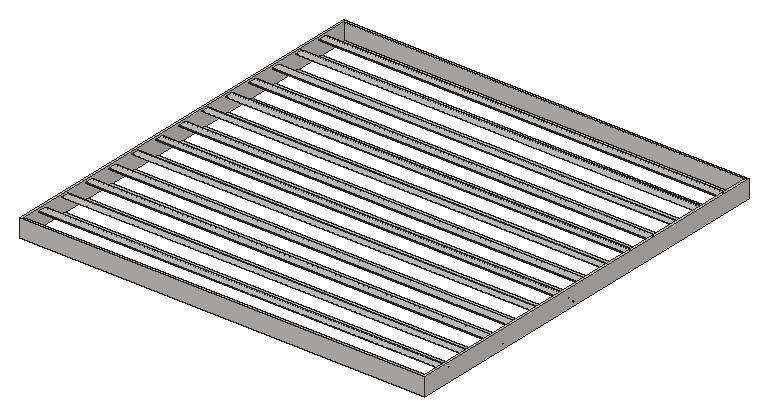
Revit family "Louver-Channel_Frame-Carnes-Rectangular-Flat_Blade_FFWC", category Air Terminals, host Face, Revit 2012
Parameters (values of type "(See Type Catalog)")
  ecoScorecard_data = ""
  ecoScorecard Product Page = "http://ecoscorecard.com/"
  URL = "http://www.carnes.com/index.html"
  Subcategory = "Louvers and Dampers"
  Specifications  URL = "http://www.carnes.com/Louvers/pdf/17132.pdf"
  Product Page URL = "http://www.carnes.com/Louvers/FFWC-FJWC.htm"
  Product Line = "Flat (\"I\") Blade Louvers"
  Pressure Drop = 0.00 Pa
  Outside Width = Louver Width Control + 1/4" * 2  # 48 1/2"
  Outside Height = Louver Height Control + 1/4" * 2  # 48 1/2"
  Model = "FFWC"
  Minimum Size = "8\"W x 10\"H"
  Maximum Vertical Size = "96\"W x 72\"H"
  Maximum Size Note = "Larger Sizes made in multiple sections"
  Maximum Horinzontal Size = "96\"W x 72\"H"
  Manufacturer = "Carnes Company"
  Louver Width Control = if(Louver Width < 8", 8", if(Louver Width > 96", 96", Louver Width))  # 48"
  Louver Height Control = if(Louver Height < 10", 10", if(Louver Height > 72", 72", Louver Height))  # 48"
  Free Area Note = "See Spec Sheet URL"
  Free Area = 0.00 SF
  Description = "Flat (\"I\") Blade Louvers"
  Connector Description 1 = "Duct Connetor"
  Blades Quantity [instance] = (Louver Height Control - (Blade Offset from Frame - 3/4")) / 3 1/2"  # 13
  Manufacturer Phone = "608-845-6411"
  Manufacturer Fax = "608-845-6470"
  Manufacturer Email = "mailto:carnes@carnes.com"
  Manufacturer Address = "448 S. Main St., P. O. Box 930040, Verona, WI 53593-0040"
  Louver Width = 48"
  Louver Length = 2 1/8"
  Louver Height = 48"
  Blades Length [instance] = Louver Length - 1/4"  # 1 7/8"
  Frame Material = Steel - Carnes - Galvanized
  Default Elevation = 48"
  Cost Info = "mailto:carnes@carnes.com"
  Catalog URL = "http://www.carnes.com/Louvers/pdf/f8.pdf"
  Symbol Blades Quantity = Louver Width / 3 1/2"  # 14
  Blade Offset from Frame [instance] = 2 1/4"
  Blade Material = Steel - Carnes - Galvanized
  Assembly Code = "D3090700"
  Airflow = 0 CFM
  95 CSI = "10200"
  04 CSI = "08 91 00"
Reference planes (in)
  plane 1 "Center (Elevation)": y = 0
  plane 2: z = 0
  plane 3 "Center (Left/Right)": x = 0
  plane 4 "Rear": z = -2.125
  plane 5: z = -0.125
  plane 6: z = -2
  plane 7: z = -1.0625
  plane 8: x = -24
  plane 9: x = 24
  plane 10: x = -24.25
  plane 11: x = 24.25
  plane 12: y = 24
  plane 13: y = -24
  plane 14: y = 24.25
  plane 15: y = -24.25
  plane 16 "Blade CL": y = 22
Forms (in)
  Extrusion 1, solid, material "Steel - Carnes - Galvanized" <- "Frame Material"
    sketch origin (0, 0, 0) x (1, 0, 0) y (0, 1, 0)
      loop
        line (-24, 24) -> (-24, -24) -> (24, -24) -> (24, 24) -> (-24, 24)
      loop
        line (-24.25, 24.25) -> (-24.25, -24.25) -> (24.25, -24.25) -> (24.25, 24.25) -> (-24.25, 24.25)
    from -2.125 to 0
Lines and regions (in)
  Masking region 1, detail levels coarse
    outline origin (0, 0, 0) x (1, 0, 0) y (0, 0, 1)
      loop
        line (24.25, 0) -> (-24.25, 0) -> (-24.25, -2.125) -> (24.25, -2.125) -> (24.25, 0)
  Masking region 2, detail levels medium+fine
    outline origin (0, 0, 0) x (1, 0, 0) y (0, 0, 1)
      loop
        line (24.25, 0) -> (-24.25, 0) -> (-24.25, -0.125) -> (-24.25, -2) -> (-24.25, -2.125) -> (24.25, -2.125) -> (24.25, -2) -> (24.25, -0.125) -> (24.25, 0)
  symbolic lines, detail levels fine
    curve 1: line (24.25, 0, -0.125) -> (-24.25, 0, -0.125)
    curve 2: line (24.25, 0, -2) -> (-24.25, 0, -2)
  symbolic lines
    curve 3: line (24, 0, -0.1875) -> (23.52861, 0, -0.1875)
    curve 4: line (22.57979, 0, -1.9375) -> (23.0542, 0, -1.0625)
    curve 5: line (22.57979, 0, -1.9375) -> (22.14855, 0, -1.9375)
    curve 6: line (23.0542, 0, -1.0625) -> (23.52861, 0, -0.1875)
    curve 7: line (20.5, 0, -0.1875) -> (20.02861, 0, -0.1875)
    curve 8: line (19.07979, 0, -1.9375) -> (19.5542, 0, -1.0625)
    curve 9: line (19.07979, 0, -1.9375) -> (18.64855, 0, -1.9375)
    curve 10: line (19.5542, 0, -1.0625) -> (20.02861, 0, -0.1875)
    curve 11: line (17, 0, -0.1875) -> (16.52861, 0, -0.1875)
    curve 12: line (15.57979, 0, -1.9375) -> (16.0542, 0, -1.0625)
    curve 13: line (15.57979, 0, -1.9375) -> (15.14855, 0, -1.9375)
    curve 14: line (16.0542, 0, -1.0625) -> (16.52861, 0, -0.1875)
    curve 15: line (13.5, 0, -0.1875) -> (13.02861, 0, -0.1875)
    curve 16: line (12.07979, 0, -1.9375) -> (12.5542, 0, -1.0625)
    curve 17: line (12.07979, 0, -1.9375) -> (11.64855, 0, -1.9375)
    curve 18: line (12.5542, 0, -1.0625) -> (13.02861, 0, -0.1875)
    curve 19: line (10, 0, -0.1875) -> (9.52861, 0, -0.1875)
    curve 20: line (8.57979, 0, -1.9375) -> (9.0542, 0, -1.0625)
    curve 21: line (8.57979, 0, -1.9375) -> (8.14855, 0, -1.9375)
    curve 22: line (9.0542, 0, -1.0625) -> (9.52861, 0, -0.1875)
    curve 23: line (6.5, 0, -0.1875) -> (6.02861, 0, -0.1875)
    curve 24: line (5.07979, 0, -1.9375) -> (5.5542, 0, -1.0625)
    curve 25: line (5.07979, 0, -1.9375) -> (4.64855, 0, -1.9375)
    curve 26: line (5.5542, 0, -1.0625) -> (6.02861, 0, -0.1875)
    curve 27: line (3, 0, -0.1875) -> (2.52861, 0, -0.1875)
    curve 28: line (1.57979, 0, -1.9375) -> (2.0542, 0, -1.0625)
    curve 29: line (1.57979, 0, -1.9375) -> (1.14855, 0, -1.9375)
    curve 30: line (2.0542, 0, -1.0625) -> (2.52861, 0, -0.1875)
    curve 31: line (-0.5, 0, -0.1875) -> (-0.97139, 0, -0.1875)
    curve 32: line (-1.92021, 0, -1.9375) -> (-1.4458, 0, -1.0625)
    curve 33: line (-1.92021, 0, -1.9375) -> (-2.35145, 0, -1.9375)
    curve 34: line (-1.4458, 0, -1.0625) -> (-0.97139, 0, -0.1875)
    curve 35: line (-4, 0, -0.1875) -> (-4.47139, 0, -0.1875)
    curve 36: line (-5.42021, 0, -1.9375) -> (-4.9458, 0, -1.0625)
    curve 37: line (-5.42021, 0, -1.9375) -> (-5.85145, 0, -1.9375)
    curve 38: line (-4.9458, 0, -1.0625) -> (-4.47139, 0, -0.1875)
    curve 39: line (-7.5, 0, -0.1875) -> (-7.97139, 0, -0.1875)
    curve 40: line (-8.92021, 0, -1.9375) -> (-8.4458, 0, -1.0625)
    curve 41: line (-8.92021, 0, -1.9375) -> (-9.35145, 0, -1.9375)
    curve 42: line (-8.4458, 0, -1.0625) -> (-7.97139, 0, -0.1875)
    curve 43: line (-11, 0, -0.1875) -> (-11.47139, 0, -0.1875)
    curve 44: line (-12.42021, 0, -1.9375) -> (-11.9458, 0, -1.0625)
    curve 45: line (-12.42021, 0, -1.9375) -> (-12.85145, 0, -1.9375)
    curve 46: line (-11.9458, 0, -1.0625) -> (-11.47139, 0, -0.1875)
    curve 47: line (-14.5, 0, -0.1875) -> (-14.97139, 0, -0.1875)
    curve 48: line (-15.92021, 0, -1.9375) -> (-15.4458, 0, -1.0625)
    curve 49: line (-15.92021, 0, -1.9375) -> (-16.35145, 0, -1.9375)
    curve 50: line (-15.4458, 0, -1.0625) -> (-14.97139, 0, -0.1875)
    curve 51: line (-18, 0, -0.1875) -> (-18.47139, 0, -0.1875)
    curve 52: line (-19.42021, 0, -1.9375) -> (-18.9458, 0, -1.0625)
    curve 53: line (-19.42021, 0, -1.9375) -> (-19.85145, 0, -1.9375)
    curve 54: line (-18.9458, 0, -1.0625) -> (-18.47139, 0, -0.1875)
    curve 55: line (-21.5, 0, -0.1875) -> (-21.97139, 0, -0.1875)
    curve 56: line (-22.92021, 0, -1.9375) -> (-22.4458, 0, -1.0625)
    curve 57: line (-22.92021, 0, -1.9375) -> (-23.35145, 0, -1.9375)
    curve 58: line (-22.4458, 0, -1.0625) -> (-21.97139, 0, -0.1875)
Dimensions and locks (in)
  equal spacing: plane 15, plane 1 "Center (Elevation)", plane 14
  locked: plane 2 to plane 5 at 0.125
  locked: plane 6 to plane 4 "Rear" at 0.125
  "Louver Length": plane 2 to plane 4 "Rear"
  equal spacing: plane 5, plane 7, plane 6
  "Blade Offset from Frame": plane 14 to plane 16 "Blade CL"
  "Outside Height": plane 14 to plane 15
  equal spacing: plane 8, plane 3 "Center (Left/Right)", plane 9
  "Louver Width": plane 8 to plane 9
  equal spacing: plane 10, plane 3 "Center (Left/Right)", plane 11
  "Outside Width": plane 10 to plane 11
  equal spacing: plane 13, plane 1 "Center (Elevation)", plane 12
  "Louver Height": plane 13 to plane 12
  locked: curve 3 to plane 5 at 0.0625
  plane 6 to curve 5 = 1/16"
  equal spacing: group 1, group 2, group 5, group 6, group 7, group 8, group 9, group 10, group 11, group 12, group 13, group 14, group 15  (x2)
  equal spacing: group 15, group 14, group 13, group 12, group 11, group 10, group 9, group 8, group 7, group 6, group 5, group 2, group 1
  locked: nested 1 to nested 2 at 3.5
  locked: curve 5 to plane 9 at 1.85145
  equal spacing: group 27, group 26, group 25, group 24, group 23, group 22, group 21, group 20, group 19, group 18, group 17, group 16, group 4, group 3
  equal spacing: group 3, group 4, group 16, group 17, group 18, group 19, group 20, group 21, group 22, group 23, group 24, group 25, group 26, group 27  (x2)
  locked: curve 10 to curve 6 at 3.5
  aligned and locked: plane 2 to host face
  aligned and locked: host face to level
  aligned and locked: plane 8 to Extrusion 1 sketch curve
  aligned and locked: plane 7 to nested 1
  aligned and locked: nested 1 to plane 16 "Blade CL"
  aligned and locked: plane 11 to Masking region 1 sketch curve
  aligned and locked: Masking region 1 sketch curve to plane 2
  aligned and locked: plane 4 "Rear" to Masking region 1 sketch curve
  aligned and locked: plane 10 to Masking region 1 sketch curve
  aligned and locked: Masking region 2 sketch curve to level
  aligned and locked: Masking region 2 sketch curve to plane 11  (x2)
  aligned and locked: plane 4 "Rear" to Masking region 2 sketch curve
  aligned and locked: Masking region 2 sketch curve to plane 10  (x2)
  aligned and locked: curve 1 to plane 5
  aligned and locked: curve 2 to plane 6
  aligned and locked: plane 9 to curve 3
  aligned and locked: Extrusion 1 sketch curve to plane 15
  aligned and locked: Extrusion 1 sketch curve to plane 14
  aligned and locked: plane 11 to Extrusion 1 sketch curve
  aligned and locked: plane 10 to Extrusion 1 sketch curve
  aligned and locked: plane 2 to Extrusion 1
  aligned and locked: Extrusion 1 to plane 4 "Rear"
Automatic sketch dimensions
  host sketch curve to host sketch curve = 122.28147"
  host sketch curve to host sketch curve = 173.35151"
  curve 3 to curve 3 = 0.47139"  (x2)
  curve 5 to curve 5 = 0.43125"
  curve 4 to curve 3 = 1.99067"  (x2)
  Extrusion 1 sketch curve to plane 9 = 0"
  plane 13 to Extrusion 1 sketch curve = 0"
  Extrusion 1 sketch curve to plane 12 = 0"
  plane 11 to curve 2 = 0"
  plane 11 to curve 1 = 0"
  Masking region 2 sketch curve to plane 6 = 0"  (x4)
  plane 11 to Masking region 2 sketch curve = 0"
  Masking region 2 sketch curve to plane 5 = 0"  (x4)
  curve 1 to plane 10 = 0"
  curve 2 to plane 10 = 0"
  Masking region 2 sketch curve to plane 10 = 0"
Nested families (in)
  nested 1: "Louver_Blade-Carnes" at (0, 22.125, -1.0625), type "Standard"
    with Width 48"
  nested 2: "Louver_Blade-Carnes" at (0, 18.625, -1.0625), type "Standard"
    with Width 48"
  nested 3: "Louver_Blade-Carnes" at (0, 15.125, -1.0625), type "Standard"
    with Width 48"
  nested 4: "Louver_Blade-Carnes" at (0, 11.625, -1.0625), type "Standard"
    with Width 48"
  nested 5: "Louver_Blade-Carnes" at (0, 8.125, -1.0625), type "Standard"
    with Width 48"
  nested 6: "Louver_Blade-Carnes" at (0, 4.625, -1.0625), type "Standard"
    with Width 48"
  nested 7: "Louver_Blade-Carnes" at (0, 1.125, -1.0625), type "Standard"
    with Width 48"
  nested 8: "Louver_Blade-Carnes" at (0, -2.375, -1.0625), type "Standard"
    with Width 48"
  nested 9: "Louver_Blade-Carnes" at (0, -5.875, -1.0625), type "Standard"
    with Width 48"
  nested 10: "Louver_Blade-Carnes" at (0, -9.375, -1.0625), type "Standard"
    with Width 48"
  nested 11: "Louver_Blade-Carnes" at (0, -12.875, -1.0625), type "Standard"
    with Width 48"
  nested 12: "Louver_Blade-Carnes" at (0, -16.375, -1.0625), type "Standard"
    with Width 48"
  nested 13: "Louver_Blade-Carnes" at (0, -19.875, -1.0625), type "Standard"
    with Width 48"
Connectors (in)
  hvac at (0, 0, -2.125), driven by "Louver Height Control", driven by "Louver Width Control", driven by "Connector Description 1", driven by "Airflow"
    settings: on Extrusion 1, index 1, duct flow 0 CFM, flow factor 0, pres drop 0.00 Pa, loss coef 0, conn angle 0.00°, conn width 48", conn height 48", conn radius 12", duct sys type 29, conn prof type 1, flow config 0, flow direction 0, loss method 0, conn ref index -1, conn util no, is conn primary yes, conn desc "Duct Connetor"
Definition of nested family "Louver_Blade-Carnes"
  Parameters (values of type "Standard")
    Width = 72"
    Blade Material = none
    Length = 1 7/8"
    Assembly Code = ""
  Reference planes (in)
    plane 1 "Center (Front/Back)": y = -0.125
    plane 2: z = 0
    plane 3 "Center (Left/Right)": x = 0
    plane 4: y = 1.8125
    plane 5: y = -2.0625
    plane 6: z = 0.9375
    plane 7: z = -0.9375
    plane 8: x = -36
    plane 9: x = 36
  Forms (in)
    Sweep 1, solid, material <- "Blade Material"
      path origin (0, 0.1875, 0) x (1, 0, 0) y (0, 1, 0)
        loop
          line (-36, -0.3125) -> (36, -0.3125)
      profile origin (0, -0.125, 0) x (0, 1, 0) y (0, 0, 1)
        loop
          line (-0.9375, 0.9375) -> (-1.9375, 0.9375) -> (-1.9375, 0.875) -> (-0.96339, 0.875) -> (0.84911, -0.9375) -> (1.9375, -0.9375) -> (1.9375, -0.875) -> (0.875, -0.875) -> (-0.9375, 0.9375)
  Dimensions and locks (in)
    equal spacing: plane 4, plane 1 "Center (Front/Back)", plane 5
    equal spacing: plane 7, plane 2, plane 6
    "Length": plane 7 to plane 6
    equal spacing: plane 8, plane 3 "Center (Left/Right)", plane 9
    "Width": plane 8 to plane 9
    locked: plane 4 to plane 5 at 3.875
    locked: Sweep 1 sketch curve to plane 6 at 0.0625
    locked: Sweep 1 sketch curve to Sweep 1 sketch curve at 0.0625
    locked: Sweep 1 sketch curve to plane 7 at 0.0625
    aligned and locked: plane 8 to Sweep 1 sketch curve
    aligned and locked: plane 9 to Sweep 1 sketch curve
    aligned and locked: plane 7 to Sweep 1 sketch curve
    aligned and locked: plane 6 to Sweep 1 sketch curve
    aligned and locked: plane 1 "Center (Front/Back)" to Sweep 1 sketch curve
    aligned and locked: plane 4 to Sweep 1 sketch curve
    aligned and locked: Sweep 1 sketch curve to plane 5
  Automatic sketch dimensions
    Sweep 1 sketch curve to Sweep 1 sketch curve = 0.02589"
    Sweep 1 sketch curve to profile plane = 0.84911"
